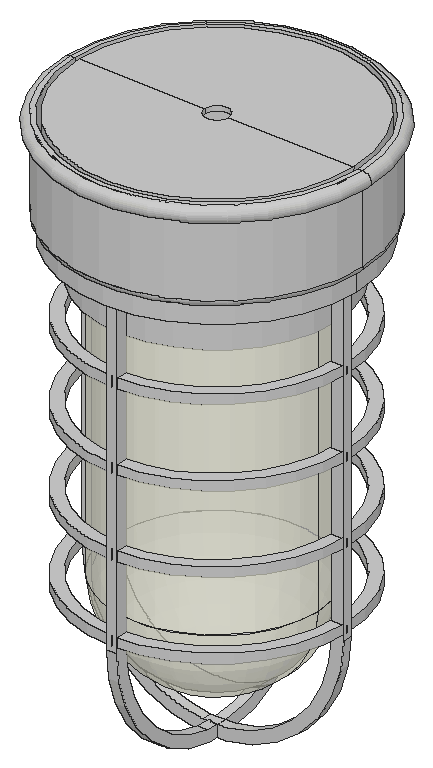
Revit family "SFM2.CG", category Lighting Fixtures, Revit 2024
Family settings
  Round Connector Dimension = Use Diameter
  Part Type = Normal
  OmniClass Number = 23.80.70.00
  OmniClass Title = Lighting
  Work Plane-Based = No
  Always vertical = Yes
  Cut with Voids When Loaded = No
  Light Source = No
  Maintain Annotation Orientation = No
  Shared = No
  Room Calculation Point = No
Parameters
  Default Elevation = 0' - 0"
Reference planes (in)
  plane 1 "Light Source Axis (F/B)": y = 0
  plane 2: z = 0
  plane 3 "Light Source Axis (L/R)": x = 0
  plane 4 "Light Source Elevation": z = 54
Forms (in)
  Revolve 1, solid, material "49"
    sketch origin (6.84003, -0.01365, -20.93302) x (1, 0, 0) y (0, 0, 1)
      loop
        line (-6.84003, 84.80802) -> (-6.84003, 84.71427) -> (-3.93378, 84.71427) -> (-3.93378, 84.52677) -> (-4.39628, 84.52677) -> (-4.39628, 83.77677) -> (-4.62769, 83.77677) -> (-4.62769, 83.68302) -> (-4.30253, 83.68302) -> (-4.30253, 84.43302) -> (-3.84003, 84.43302) -> (-3.84003, 84.80802) -> (-6.84003, 84.80802)
      loop
        line (-4.66282, 78.03154) -> (-4.66282, 84.43302) -> (-4.75657, 84.43302) -> (-4.75657, 78.0333)
        arc (-4.75657, 78.0333) -> (-5.39398, 76.61211) -> (-6.83922, 76.03129) r 2.08125
        line (-6.83922, 76.03129) -> (-6.83922, 75.93754)
        arc (-6.83922, 75.93754) -> (-5.32832, 76.5452) -> (-4.66282, 78.03154) r 2.175
      loop
        line (-4.30253, 82.78302) -> (-4.05253, 82.78302) -> (-4.05253, 82.98302) -> (-4.30253, 82.98302) -> (-4.30253, 82.78302)
      loop
        line (-4.30253, 81.13302) -> (-4.05253, 81.13302) -> (-4.05253, 81.33302) -> (-4.30253, 81.33302) -> (-4.30253, 81.13302)
      loop
        line (-4.30253, 79.48302) -> (-4.05253, 79.48302) -> (-4.05253, 79.68302) -> (-4.30253, 79.68302) -> (-4.30253, 79.48302)
      loop
        line (-4.30253, 77.83302) -> (-4.05253, 77.83302) -> (-4.05253, 78.03302) -> (-4.30253, 78.03302) -> (-4.30253, 77.83302)
      axis (-6.84003, 84.80802) -> (-6.84003, 75.93754)
    angle from 0 to 360
  Extrusion 2, solid, material "49"
    sketch origin (6.84003, -1.36163, -20.93302) x (1, 0, 0) y (0, 0, 1)
      loop
        line (-4.05253, 77.72052) -> (-4.05253, 84.43302) -> (-4.30253, 84.43302) -> (-4.30253, 77.72052)
        arc (-4.30253, 77.72052) -> (-5.12109, 75.85393) -> (-7.04867, 75.19161) r 2.5375
        arc (-7.04867, 75.19161) -> (-8.70662, 76.00158) -> (-9.37753, 77.72052) r 2.5375
        line (-9.37753, 77.72052) -> (-9.37753, 84.43302) -> (-9.62753, 84.43302) -> (-9.62753, 77.72052)
        arc (-9.62753, 77.72052) -> (-6.84003, 74.93302) -> (-4.05253, 77.72052) r 2.7875
    from -1.44798 to -1.24798
  Extrusion 3, solid, material "49"
    sketch origin (5.40871, -9.36163, -20.93302) x (0, -1, 0) y (0, 0, 1)
      loop
        arc (-12.13548, 77.72052) -> (-9.34798, 74.93302) -> (-6.56048, 77.72052) r 2.7875
        line (-6.56048, 77.72052) -> (-6.56048, 84.43302) -> (-6.81048, 84.43302) -> (-6.81048, 77.72052)
        arc (-6.81048, 77.72052) -> (-7.42922, 76.06001) -> (-8.98371, 75.2093) r 2.5375
        arc (-8.98371, 75.2093) -> (-11.00849, 75.80176) -> (-11.88548, 77.72052) r 2.5375
        line (-11.88548, 77.72052) -> (-11.88548, 84.43302) -> (-12.13548, 84.43302) -> (-12.13548, 77.72052)
    from 5.30871 to 5.50871
  Revolve 4, solid, material "49"
    sketch origin (0, 0, 0) x (1, 0, 0) y (0, 0, 1)
      loop
        arc (-3.11719, 64.00744) -> (-3.0784, 63.91379) -> (-2.98474, 63.875) r 0.13244
        line (-2.98474, 63.875) -> (0, 63.875) -> (0, 63.96875) -> (-3.02344, 63.96875) -> (-3.02344, 65.84375) -> (-3.11719, 65.84375)
        arc (-3.11719, 65.84375) -> (-3.28125, 65.67969) -> (-3.11719, 65.51563) r 0.16406
        line (-3.11719, 65.51563) -> (-3.11719, 64.00744)
      loop
        line (-2.92969, 65.84375) -> (-2.92969, 64.06772) -> (-2.83594, 64.06772) -> (-2.83594, 65.75) -> (-0.25, 65.75) -> (-0.25, 65.84375) -> (-2.92969, 65.84375)
      axis (0, 65.84375) -> (0, 63.875)
    angle from 0 to 360
Dimensions and locks (in)
  aligned and locked: level to plane 2
